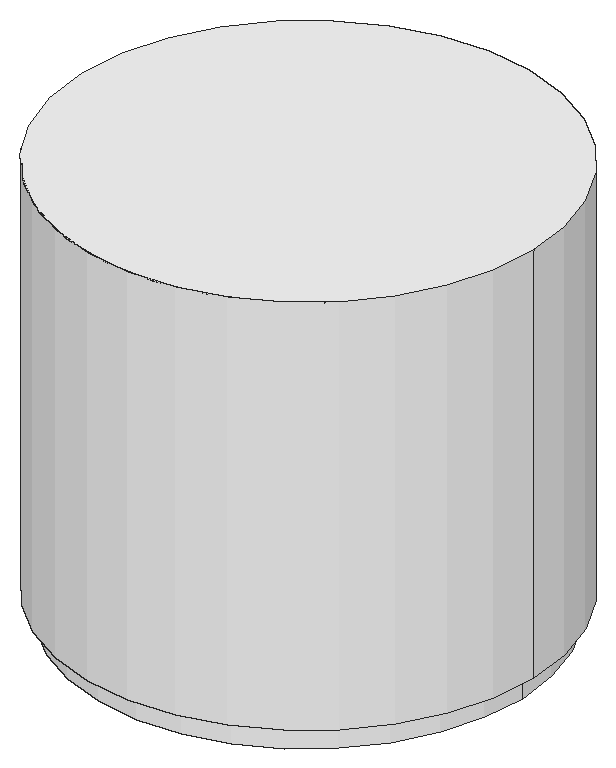
Revit family
Parameters
  URL = "http://www.martinbrattrud.com"
  SCS Certified Product = "Yes"
  Model = "Cor-Bitz 741-20C"
  Manufacturer = "Martin Brattrud, Inc."
  Foot [instance] = none
  Keynote = "125000"
  Copyright = "© 2013 Martin Brattrud, Inc."
  Table [instance] = none
  Authoring Version = "Revit Architecture 2010"
  Assembly Code = "E2020200"
Reference planes (in)
  plane 1 "Center Front/Back": y = 0
  plane 2: z = 0
  plane 3 "Center Left/Right": x = 0
Forms (in)
  Extrusion 1, solid, material <- "Table"
    sketch origin (0, 0, 0) x (1, 0, 0) y (0, 1, 0)
      loop
        circle (0, 0) r 10
    from 1.25 to 18.25
  Extrusion 2, solid, material <- "Table"
    sketch origin (0, 0, 0) x (1, 0, 0) y (0, 1, 0)
      loop
        circle (0, 0) r 9.5
    from 0.25 to 1.25
  Revolve 3, solid, material <- "Foot"
    sketch origin (0, -8.125, 0) x (0, 1, 0) y (0, 0, -1)
      loop
        arc (-0.2498, 0) -> (-0.33833, -0.03667) -> (-0.375, -0.1252) r 0.1252
        line (-0.375, -0.1252) -> (-0.375, -0.25) -> (0, -0.25) -> (0, 0) -> (-0.2498, 0)
      axis (0, -0.25) -> (0, 0)
    angle from 0 to 360
  Revolve 4, solid, material <- "Foot"
    sketch origin (0, 8.125, 0) x (0, 1, 0) y (0, 0, -1)
      loop
        arc (-0.2498, 0) -> (-0.33833, -0.03667) -> (-0.375, -0.1252) r 0.1252
        line (-0.375, -0.1252) -> (-0.375, -0.25) -> (0, -0.25) -> (0, 0) -> (-0.2498, 0)
      axis (0, -0.25) -> (0, 0)
    angle from 0 to 360
  Revolve 5, solid, material <- "Foot"
    sketch origin (8.125, 0, 0) x (-1, 0, 0) y (0, 0, -1)
      loop
        arc (-0.2498, 0) -> (-0.33833, -0.03667) -> (-0.375, -0.1252) r 0.1252
        line (-0.375, -0.1252) -> (-0.375, -0.25) -> (0, -0.25) -> (0, 0) -> (-0.2498, 0)
      axis (0, -0.25) -> (0, 0)
    angle from 0 to 360
  Revolve 6, solid, material <- "Foot"
    sketch origin (-8.125, 0, 0) x (-1, 0, 0) y (0, 0, -1)
      loop
        arc (-0.2498, 0) -> (-0.33833, -0.03667) -> (-0.375, -0.1252) r 0.1252
        line (-0.375, -0.1252) -> (-0.375, -0.25) -> (0, -0.25) -> (0, 0) -> (-0.2498, 0)
      axis (0, -0.25) -> (0, 0)
    angle from 0 to 360
